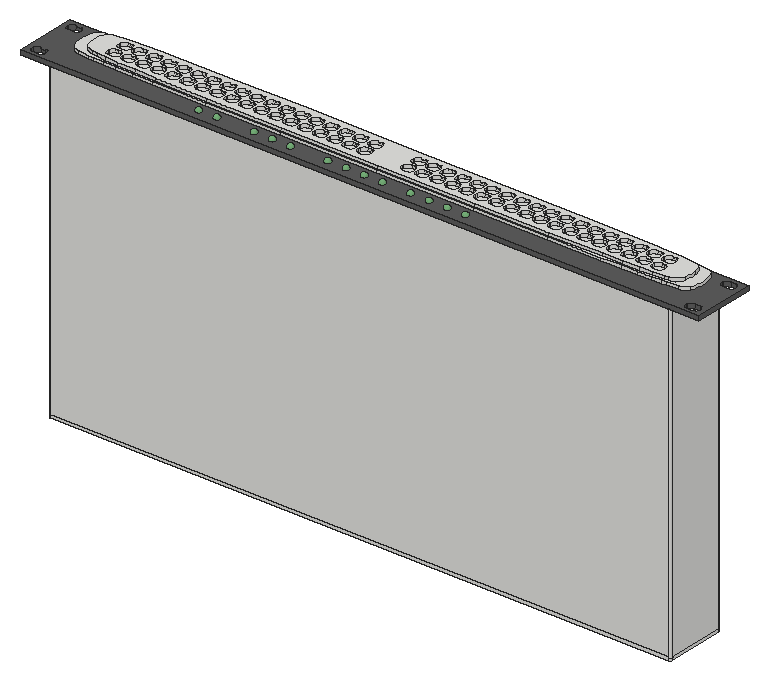
Revit family "Electronics_Expansion-Inputs_Biamp_Vocia_Voice-Over-IP-Interface_VOIP-1__", category Communication Devices, host Face, Revit 2020 (continued)
Definition of nested family "VOIP-1"
  Forms (in)
    Extrusion 14, solid, material <- "Material 1", detail levels medium+fine
      sketch origin (0.00019, 0.37402, 0) x (1, 0, 0) y (0, 0, 1)
        loop
          arc (0.77646, 0.99345) -> (0.73736, 1.08784) -> (0.64297, 1.12693) r 0.13348
          line (0.64297, 1.12693) -> (0.55186, 1.12693)
        loop
          arc (0.95712, 1.12693) -> (0.86273, 1.08784) -> (0.82363, 0.99345) r 0.13348
          line (0.82363, 0.99345) -> (0.82363, 0.95247)
          arc (0.82363, 0.95247) -> (0.86455, 0.8537) -> (0.96332, 0.81278) r 0.13968
          line (0.96332, 0.81278) -> (1.04202, 0.81278)
          arc (1.04202, 0.81278) -> (1.14079, 0.8537) -> (1.18171, 0.95247) r 0.13968
          line (1.18171, 0.95247) -> (1.18171, 0.99345)
          arc (1.18171, 0.99345) -> (1.14261, 1.08784) -> (1.04823, 1.12693) r 0.13348
          line (1.04823, 1.12693) -> (0.95712, 1.12693)
        loop
          arc (1.36975, 1.12693) -> (1.27537, 1.08784) -> (1.23627, 0.99345) r 0.13348
          line (1.23627, 0.99345) -> (1.23627, 0.95247)
          arc (1.23627, 0.95247) -> (1.27718, 0.8537) -> (1.37596, 0.81278) r 0.13968
          line (1.37596, 0.81278) -> (1.45466, 0.81278)
          arc (1.45466, 0.81278) -> (1.55343, 0.8537) -> (1.59434, 0.95247) r 0.13968
          line (1.59434, 0.95247) -> (1.59434, 0.99345)
          arc (1.59434, 0.99345) -> (1.55525, 1.08784) -> (1.46086, 1.12693) r 0.13348
          line (1.46086, 1.12693) -> (1.36975, 1.12693)
        loop
          arc (1.78593, 1.12693) -> (1.69154, 1.08784) -> (1.65245, 0.99345) r 0.13348
          line (1.65245, 0.99345) -> (1.65245, 0.95247)
          arc (1.65245, 0.95247) -> (1.69336, 0.8537) -> (1.79213, 0.81278) r 0.13968
          line (1.79213, 0.81278) -> (1.87083, 0.81278)
          arc (1.87083, 0.81278) -> (1.96961, 0.8537) -> (2.01052, 0.95247) r 0.13968
          line (2.01052, 0.95247) -> (2.01052, 0.99345)
          arc (2.01052, 0.99345) -> (1.97142, 1.08784) -> (1.87704, 1.12693) r 0.13348
          line (1.87704, 1.12693) -> (1.78593, 1.12693)
        loop
          arc (2.19819, 1.12693) -> (2.1038, 1.08784) -> (2.0647, 0.99345) r 0.13348
          line (2.0647, 0.99345) -> (2.0647, 0.95247)
          arc (2.0647, 0.95247) -> (2.10562, 0.8537) -> (2.20439, 0.81278) r 0.13968
          line (2.20439, 0.81278) -> (2.28309, 0.81278)
          arc (2.28309, 0.81278) -> (2.38187, 0.8537) -> (2.42278, 0.95247) r 0.13968
          line (2.42278, 0.95247) -> (2.42278, 0.99345)
          arc (2.42278, 0.99345) -> (2.38368, 1.08784) -> (2.2893, 1.12693) r 0.13348
          line (2.2893, 1.12693) -> (2.19819, 1.12693)
        loop
          arc (2.61102, 1.12693) -> (2.51664, 1.08784) -> (2.47754, 0.99345) r 0.13348
          line (2.47754, 0.99345) -> (2.47754, 0.95247)
          arc (2.47754, 0.95247) -> (2.51845, 0.8537) -> (2.61722, 0.81278) r 0.13968
          line (2.61722, 0.81278) -> (2.69593, 0.81278)
          arc (2.69593, 0.81278) -> (2.7947, 0.8537) -> (2.83561, 0.95247) r 0.13968
          line (2.83561, 0.95247) -> (2.83561, 0.99345)
          arc (2.83561, 0.99345) -> (2.79652, 1.08784) -> (2.70213, 1.12693) r 0.13348
          line (2.70213, 1.12693) -> (2.61102, 1.12693)
        loop
          arc (3.02386, 1.12693) -> (2.92948, 1.08784) -> (2.89038, 0.99345) r 0.13348
          line (2.89038, 0.99345) -> (2.89038, 0.95247)
          arc (2.89038, 0.95247) -> (2.93129, 0.8537) -> (3.03007, 0.81278) r 0.13968
          line (3.03007, 0.81278) -> (3.10877, 0.81278)
          arc (3.10877, 0.81278) -> (3.20754, 0.8537) -> (3.24846, 0.95247) r 0.13968
          line (3.24846, 0.95247) -> (3.24846, 0.99345)
          arc (3.24846, 0.99345) -> (3.20936, 1.08784) -> (3.11497, 1.12693) r 0.13348
          line (3.11497, 1.12693) -> (3.02386, 1.12693)
        loop
          arc (3.44017, 1.12693) -> (3.34579, 1.08784) -> (3.30669, 0.99345) r 0.13348
          line (3.30669, 0.99345) -> (3.30669, 0.95247)
          arc (3.30669, 0.95247) -> (3.3476, 0.8537) -> (3.44637, 0.81278) r 0.13968
          line (3.44637, 0.81278) -> (3.52508, 0.81278)
          arc (3.52508, 0.81278) -> (3.62385, 0.8537) -> (3.66476, 0.95247) r 0.13968
          line (3.66476, 0.95247) -> (3.66476, 0.99345)
          arc (3.66476, 0.99345) -> (3.62567, 1.08784) -> (3.53128, 1.12693) r 0.13348
          line (3.53128, 1.12693) -> (3.44017, 1.12693)
        loop
          arc (3.85301, 1.12693) -> (3.75862, 1.08784) -> (3.71952, 0.99345) r 0.13348
          line (3.71952, 0.99345) -> (3.71952, 0.95247)
          arc (3.71952, 0.95247) -> (3.76044, 0.8537) -> (3.85921, 0.81278) r 0.13968
          line (3.85921, 0.81278) -> (3.93791, 0.81278)
          arc (3.93791, 0.81278) -> (4.03669, 0.8537) -> (4.0776, 0.95247) r 0.13968
          line (4.0776, 0.95247) -> (4.0776, 0.99345)
          arc (4.0776, 0.99345) -> (4.0385, 1.08784) -> (3.94412, 1.12693) r 0.13348
          line (3.94412, 1.12693) -> (3.85301, 1.12693)
        loop
          arc (4.26238, 1.12693) -> (4.16799, 1.08784) -> (4.12889, 0.99345) r 0.13348
          line (4.12889, 0.99345) -> (4.12889, 0.95247)
          arc (4.12889, 0.95247) -> (4.16981, 0.8537) -> (4.26858, 0.81278) r 0.13968
          line (4.26858, 0.81278) -> (4.34728, 0.81278)
          arc (4.34728, 0.81278) -> (4.44606, 0.8537) -> (4.48697, 0.95247) r 0.13968
          line (4.48697, 0.95247) -> (4.48697, 0.99345)
          arc (4.48697, 0.99345) -> (4.44787, 1.08784) -> (4.35349, 1.12693) r 0.13348
          line (4.35349, 1.12693) -> (4.26238, 1.12693)
        loop
          arc (4.67522, 1.12693) -> (4.58083, 1.08784) -> (4.54174, 0.99345) r 0.13348
          line (4.54174, 0.99345) -> (4.54174, 0.95247)
          arc (4.54174, 0.95247) -> (4.58265, 0.8537) -> (4.68142, 0.81278) r 0.13968
          line (4.68142, 0.81278) -> (4.76013, 0.81278)
          arc (4.76013, 0.81278) -> (4.8589, 0.8537) -> (4.89981, 0.95247) r 0.13968
          line (4.89981, 0.95247) -> (4.89981, 0.99345)
          arc (4.89981, 0.99345) -> (4.86071, 1.08784) -> (4.76633, 1.12693) r 0.13348
          line (4.76633, 1.12693) -> (4.67522, 1.12693)
        loop
          arc (5.09153, 1.12693) -> (4.99714, 1.08784) -> (4.95804, 0.99345) r 0.13348
          line (4.95804, 0.99345) -> (4.95804, 0.95247)
          arc (4.95804, 0.95247) -> (4.99896, 0.8537) -> (5.09773, 0.81278) r 0.13968
          line (5.09773, 0.81278) -> (5.17643, 0.81278)
          arc (5.17643, 0.81278) -> (5.2752, 0.8537) -> (5.31612, 0.95247) r 0.13968
          line (5.31612, 0.95247) -> (5.31612, 0.99345)
          arc (5.31612, 0.99345) -> (5.27702, 1.08784) -> (5.18264, 1.12693) r 0.13348
          line (5.18264, 1.12693) -> (5.09153, 1.12693)
        loop
          arc (5.50436, 1.12693) -> (5.40998, 1.08784) -> (5.37088, 0.99345) r 0.13348
          line (5.37088, 0.99345) -> (5.37088, 0.95247)
          arc (5.37088, 0.95247) -> (5.41179, 0.8537) -> (5.51056, 0.81278) r 0.13968
          line (5.51056, 0.81278) -> (5.58927, 0.81278)
          arc (5.58927, 0.81278) -> (5.68804, 0.8537) -> (5.72895, 0.95247) r 0.13968
          line (5.72895, 0.95247) -> (5.72895, 0.99345)
          arc (5.72895, 0.99345) -> (5.68986, 1.08784) -> (5.59547, 1.12693) r 0.13348
          line (5.59547, 1.12693) -> (5.50436, 1.12693)
        loop
          arc (5.91393, 1.12693) -> (5.81954, 1.08784) -> (5.78044, 0.99345) r 0.13348
          line (5.78044, 0.99345) -> (5.78044, 0.95247)
          arc (5.78044, 0.95247) -> (5.82136, 0.8537) -> (5.92013, 0.81278) r 0.13968
          line (5.92013, 0.81278) -> (5.99883, 0.81278)
          arc (5.99883, 0.81278) -> (6.0976, 0.8537) -> (6.13852, 0.95247) r 0.13968
          line (6.13852, 0.95247) -> (6.13852, 0.99345)
          arc (6.13852, 0.99345) -> (6.09942, 1.08784) -> (6.00504, 1.12693) r 0.13348
          line (6.00504, 1.12693) -> (5.91393, 1.12693)
        loop
          arc (6.32657, 1.12693) -> (6.23219, 1.08784) -> (6.19309, 0.99345) r 0.13348
          line (6.19309, 0.99345) -> (6.19309, 0.95247)
          arc (6.19309, 0.95247) -> (6.234, 0.8537) -> (6.33278, 0.81278) r 0.13968
          line (6.33278, 0.81278) -> (6.41148, 0.81278)
          arc (6.41148, 0.81278) -> (6.51025, 0.8537) -> (6.55116, 0.95247) r 0.13968
          line (6.55116, 0.95247) -> (6.55116, 0.99345)
          arc (6.55116, 0.99345) -> (6.51207, 1.08784) -> (6.41768, 1.12693) r 0.13348
          line (6.41768, 1.12693) -> (6.32657, 1.12693)
        loop
          arc (6.74288, 1.12693) -> (6.64849, 1.08784) -> (6.6094, 0.99345) r 0.13348
          line (6.6094, 0.99345) -> (6.6094, 0.95247)
          arc (6.6094, 0.95247) -> (6.65031, 0.8537) -> (6.74908, 0.81278) r 0.13968
          line (6.74908, 0.81278) -> (6.82779, 0.81278)
          arc (6.82779, 0.81278) -> (6.92656, 0.8537) -> (6.96747, 0.95247) r 0.13968
          line (6.96747, 0.95247) -> (6.96747, 0.99345)
          arc (6.96747, 0.99345) -> (6.92838, 1.08784) -> (6.83399, 1.12693) r 0.13348
          line (6.83399, 1.12693) -> (6.74288, 1.12693)
        loop
          arc (7.15572, 1.12693) -> (7.06134, 1.08784) -> (7.02224, 0.99345) r 0.13348
          line (7.02224, 0.99345) -> (7.02224, 0.95247)
          arc (7.02224, 0.95247) -> (7.06315, 0.8537) -> (7.16193, 0.81278) r 0.13968
          line (7.16193, 0.81278) -> (7.24063, 0.81278)
          arc (7.24063, 0.81278) -> (7.3394, 0.8537) -> (7.38031, 0.95247) r 0.13968
          line (7.38031, 0.95247) -> (7.38031, 0.99345)
          arc (7.38031, 0.99345) -> (7.34122, 1.08784) -> (7.24683, 1.12693) r 0.13348
          line (7.24683, 1.12693) -> (7.15572, 1.12693)
        loop
          arc (7.57203, 1.12693) -> (7.47764, 1.08784) -> (7.43855, 0.99345) r 0.13348
          line (7.43855, 0.99345) -> (7.43855, 0.95247)
          arc (7.43855, 0.95247) -> (7.47946, 0.8537) -> (7.57823, 0.81278) r 0.13968
          line (7.57823, 0.81278) -> (7.65694, 0.81278)
          arc (7.65694, 0.81278) -> (7.75571, 0.8537) -> (7.79662, 0.95247) r 0.13968
          line (7.79662, 0.95247) -> (7.79662, 0.99345)
          arc (7.79662, 0.99345) -> (7.75753, 1.08784) -> (7.66314, 1.12693) r 0.13348
          line (7.66314, 1.12693) -> (7.57203, 1.12693)
      from 4.92126 to 5
  Cuts and joins
    Extrusion 3 cuts Extrusion 2
    Extrusion 6 cuts Extrusion 5
    Extrusion 12 cuts Extrusion 7
    Extrusion 12 cuts Extrusion 10
    Extrusion 12 cuts Extrusion 11
  Lines and regions (in)
    Masking region 1
      outline origin (0, 0, 0) x (1, 0, 0) y (0, 1, 0)
        loop
          line (-9.50787, -4.4685) -> (-2.46212, -4.4685) -> (9.50787, -4.4685) -> (9.50787, -4.35039) -> (8.72047, -4.35039) -> (8.72047, 4.4685) -> (-8.71061, 4.4685) -> (-8.71061, -4.35039) -> (-9.50787, -4.35039) -> (-9.50787, -4.4685)
    Masking region 2, detail levels medium+fine
      outline origin (0, 0, 0) x (1, 0, 0) y (0, 1, 0)
        loop
          line (-8.69512, -4.4685) -> (-8.69512, -4.54724) -> (-8.37136, -4.54724) -> (-8.37136, -4.62598) -> (8.37538, -4.62598) -> (8.37538, -4.54724) -> (8.6955, -4.54724) -> (8.6955, -4.4685) -> (-8.69512, -4.4685)
    symbolic lines, detail levels medium
      curve 1: line (-8.71061, -4.35039, 0) -> (8.72047, -4.35039, 0)
      curve 2: line (-8.71061, -4.35039, 0) -> (-9.50787, -4.35039, 0)
      curve 3: line (9.50787, -4.35039, 0) -> (8.72047, -4.35039, 0)
    symbolic lines, detail levels fine
      curve 4: line (-8.36407, -4.4685, 0) -> (-8.36407, -4.50787, 0)
    symbolic lines
      curve 5: line (-9.50787, -4.4685, 0) -> (9.50787, -4.4685, 0)
      curve 6: line (-8.71061, -4.35039, 0) -> (8.72047, -4.35039, 0)
    symbolic lines, detail levels medium+fine
      curve 7: line (-8.37499, -4.54724, 0) -> (8.37173, -4.54724, 0)
  Dimensions and locks (in)
    equal spacing: plane 4, plane 3 "Center (Left/Right)", plane 5
    "Width": plane 4 to plane 5
    equal spacing: plane 6, plane 1 "Center (Front/Back)", plane 7 "1"
    "Depth": plane 7 "1" to plane 11
    "Height": plane 8 to plane 9
    plane 9 to level = 0.00"
    plane 10 to plane 6 = 0.11811"
    locked: plane 4 to plane 12 at 0.79726
    locked: plane 13 to plane 5 at 0.7874
    locked: plane 6 to plane 11 at 0.03937
    plane 14 to plane 6 = 0.03937"
    locked: plane 7 "1" to plane 15 at 0.07874
    locked: plane 16 to plane 9 at 0.32949
    radius of Extrusion 11 sketch curve = 0.05859"
    radius of Extrusion 10 sketch curve = 0.05859"
    aligned and locked: plane 2 to Extrusion 1
    aligned and locked: level to Extrusion 1
    aligned and locked: plane 6 to Extrusion 2 sketch curve
    aligned and locked: plane 10 to Extrusion 2 sketch curve
    aligned and locked: plane 4 to Extrusion 2 sketch curve
    aligned and locked: Extrusion 2 sketch curve to plane 5
    aligned and locked: Extrusion 2 to plane 9
    aligned and locked: Extrusion 2 to plane 8
    aligned and locked: Extrusion 3 to plane 6
    aligned and locked: plane 8 to Extrusion 5 sketch curve
    aligned and locked: plane 12 to Extrusion 5 sketch curve
    aligned and locked: plane 9 to Extrusion 5 sketch curve
    aligned and locked: plane 13 to Extrusion 5 sketch curve
    aligned and locked: Extrusion 5 to plane 7 "1"
    aligned and locked: plane 5 to Extrusion 7 sketch curve
    aligned and locked: Extrusion 7 sketch curve to plane 10
    aligned and locked: Extrusion 7 sketch curve to plane 4
    aligned and locked: plane 13 to Extrusion 8 sketch curve
    aligned and locked: plane 9 to Extrusion 8 sketch curve
    aligned and locked: plane 8 to Extrusion 8 sketch curve
    aligned and locked: plane 12 to Extrusion 8 sketch curve
    aligned and locked: Extrusion 8 to plane 7 "1"
    aligned and locked: plane 10 to Extrusion 8
    aligned and locked: plane 7 "1" to Extrusion 9 sketch curve
    aligned and locked: Extrusion 9 to plane 8
    aligned and locked: plane 10 to curve 1
    aligned and locked: plane 10 to Extrusion 10
    aligned and locked: Extrusion 11 to plane 7 "1"
    aligned and locked: plane 15 to Extrusion 11
    aligned and locked: Extrusion 9 to plane 9
    aligned and locked: plane 9 to Extrusion 11 sketch curve
    aligned and locked: Extrusion 10 to plane 9
    aligned and locked: plane 16 to Revolve 4
    aligned and locked: plane 15 to Extrusion 12
    aligned and locked: cut or joined group of Extrusion 10, Extrusion 12 to plane 15
  Automatic sketch dimensions
    Extrusion 1 sketch curve to Extrusion 1 sketch curve = 96.00"  (x2)
    Extrusion 5 sketch curve to Extrusion 5 sketch curve = 0.05906"  (x2)
    plane 12 to Extrusion 5 sketch curve = 0.05906"
    plane 13 to Extrusion 5 sketch curve = 0.05906"
    plane 4 to Extrusion 3 sketch curve = 0.13318"  (x2)
    Extrusion 3 sketch curve to Extrusion 3 sketch curve = 0.13197"  (x2)
    plane 9 to Extrusion 3 sketch curve = 0.10329"  (x2)
    Extrusion 3 sketch curve to Extrusion 3 sketch curve = 0.00"  (x8)
    Extrusion 3 sketch curve to Extrusion 3 sketch curve = 0.138"  (x2)
    Extrusion 3 sketch curve to Extrusion 3 sketch curve = 0.13196"  (x6)
    Extrusion 3 sketch curve to plane 13 = 0.24886"  (x2)
    plane 8 to Extrusion 3 sketch curve = 0.111"
    Extrusion 3 sketch curve to Extrusion 3 sketch curve = 0.13799"  (x2)
    Extrusion 3 sketch curve to Extrusion 3 sketch curve = 0.11072"  (x8)
    Extrusion 3 sketch curve to Extrusion 3 sketch curve = 0.00002"
    Extrusion 3 sketch curve to Extrusion 3 sketch curve = 0.00001"  (x6)
    Extrusion 3 sketch curve to Extrusion 3 sketch curve = 0.04654"  (x3)
    plane 8 to Extrusion 3 sketch curve = 0.37899"
    Extrusion 3 sketch curve to Extrusion 3 sketch curve = 0.268"
    Extrusion 3 sketch curve to Extrusion 3 sketch curve = 0.00004"
    Revolve 4 sketch curve to plane 6 = 0.00"  (x14)
    plane 3 "Center (Left/Right)" to Revolve 4 sketch curve = 2.78252"
    Revolve 4 sketch curve to Revolve 4 sketch curve = 0.07874"  (x13)
    Revolve 4 sketch curve to Revolve 4 sketch curve = 0.35484"
    Revolve 4 sketch curve to Revolve 4 sketch curve = 0.35446"
    Revolve 4 sketch curve to Revolve 4 sketch curve = 0.35447"
    plane 3 "Center (Left/Right)" to Revolve 4 sketch curve = 0.4593"
    Revolve 4 sketch curve to plane 3 "Center (Left/Right)" = 0.05267"
    Revolve 4 sketch curve to Revolve 4 sketch curve = 0.35441"  (x2)
    Revolve 4 sketch curve to Revolve 4 sketch curve = 0.88564"
    Revolve 4 sketch curve to Revolve 4 sketch curve = 0.35437"
    Revolve 4 sketch curve to Revolve 4 sketch curve = 0.35423"
    Revolve 4 sketch curve to Revolve 4 sketch curve = 0.88575"
    Revolve 4 sketch curve to Revolve 4 sketch curve = 0.35492"
    Revolve 4 sketch curve to Revolve 4 sketch curve = 0.00218"
    Revolve 4 sketch curve to Revolve 4 sketch curve = 0.01835"
    plane 8 to Extrusion 6 sketch curve = 0.78904"  (x2)
    plane 12 to Extrusion 6 sketch curve = 3.81189"
    Extrusion 6 sketch curve to Extrusion 6 sketch curve = 0.58"  (x5)
    Extrusion 6 sketch curve to Extrusion 6 sketch curve = 0.11998"  (x3)
    Extrusion 6 sketch curve to Extrusion 6 sketch curve = 0.58002"  (x2)
    plane 8 to Extrusion 6 sketch curve = 0.20904"  (x6)
    Extrusion 6 sketch curve to Extrusion 6 sketch curve = 0.41998"
    Extrusion 6 sketch curve to Extrusion 6 sketch curve = 0.57999"
    Extrusion 6 sketch curve to Extrusion 6 sketch curve = 0.957"
    Extrusion 6 sketch curve to plane 3 "Center (Left/Right)" = 0.38172"
    plane 3 "Center (Left/Right)" to Extrusion 6 sketch curve = 0.31827"
    Extrusion 6 sketch curve to Extrusion 6 sketch curve = 0.42"
    Extrusion 6 sketch curve to Extrusion 6 sketch curve = 0.12"
    Extrusion 6 sketch curve to Extrusion 6 sketch curve = 0.15955"
    Extrusion 6 sketch curve to Extrusion 6 sketch curve = 0.05002"
    Extrusion 6 sketch curve to Extrusion 6 sketch curve = 1.37955"
    Extrusion 6 sketch curve to Extrusion 6 sketch curve = 0.57087"  (x2)
    Extrusion 6 sketch curve to Extrusion 6 sketch curve = 0.05905"
    Extrusion 6 sketch curve to Extrusion 6 sketch curve = 0.52464"
    Extrusion 6 sketch curve to Extrusion 6 sketch curve = 0.85"
    plane 9 to Extrusion 6 sketch curve = 0.30325"
    plane 9 to Extrusion 6 sketch curve = 0.43473"
    Extrusion 6 sketch curve to Extrusion 6 sketch curve = 0.00"  (x8)
    plane 9 to Extrusion 6 sketch curve = 0.51028"
    Extrusion 6 sketch curve to Extrusion 6 sketch curve = 0.45001"
    Extrusion 6 sketch curve to Extrusion 6 sketch curve = 0.39369"
    Extrusion 6 sketch curve to Extrusion 6 sketch curve = 0.43297"
    plane 12 to Extrusion 8 sketch curve = 0.05859"
    plane 8 to Extrusion 8 sketch curve = 0.05859"  (x2)
    Extrusion 8 sketch curve to Extrusion 8 sketch curve = 0.05859"
    Extrusion 10 sketch curve to plane 8 = 0.00"
    plane 13 to Extrusion 10 sketch curve = 0.00"
    plane 12 to Extrusion 10 sketch curve = 0.05906"
    plane 8 to Extrusion 10 sketch curve = 0.05906"
    Extrusion 10 sketch curve to plane 12 = 0.00"
    Extrusion 10 sketch curve to Extrusion 10 sketch curve = 0.05906"
    level to Extrusion 10 sketch curve = 0.00"
    Extrusion 11 sketch curve to plane 8 = 0.00"
    plane 13 to Extrusion 11 sketch curve = 0.00"
    plane 8 to Extrusion 11 sketch curve = 0.05906"  (x2)
    plane 12 to Extrusion 11 sketch curve = 0.05906"
    Extrusion 11 sketch curve to plane 12 = 0.00"
    plane 13 to Extrusion 6 sketch curve = 0.61166"
    Extrusion 6 sketch curve to plane 16 = 0.55295"
    plane 8 to Extrusion 12 sketch curve = 0.24111"  (x2)
    Extrusion 12 sketch curve to plane 3 "Center (Left/Right)" = 2.88761"
    Extrusion 12 sketch curve to Extrusion 12 sketch curve = 0.70001"
    plane 8 to Extrusion 12 sketch curve = 0.24106"
    plane 3 "Center (Left/Right)" to Extrusion 12 sketch curve = 1.0494"
    Extrusion 12 sketch curve to plane 16 = 0.17883"  (x2)
    Extrusion 12 sketch curve to Extrusion 12 sketch curve = 0.53988"
    Extrusion 12 sketch curve to Extrusion 12 sketch curve = 0.00"  (x5)
    Extrusion 12 sketch curve to Extrusion 12 sketch curve = 0.00025"  (x4)
    Extrusion 12 sketch curve to Extrusion 12 sketch curve = 0.15988"
    Extrusion 12 sketch curve to Extrusion 12 sketch curve = 0.46975"
    Extrusion 12 sketch curve to plane 16 = 0.55169"
    Extrusion 12 sketch curve to Extrusion 12 sketch curve = 1.31988"
    plane 16 to Extrusion 12 sketch curve = 0.02831"  (x3)
    Extrusion 12 sketch curve to Extrusion 12 sketch curve = 0.7225"
    Extrusion 12 sketch curve to Extrusion 12 sketch curve = 0.5975"
    Extrusion 12 sketch curve to Extrusion 12 sketch curve = 0.465"
    Extrusion 12 sketch curve to Extrusion 12 sketch curve = 0.85"
    plane 13 to Extrusion 12 sketch curve = 0.62117"
    Extrusion 12 sketch curve to Extrusion 12 sketch curve = 0.00001"  (x4)
    Extrusion 12 sketch curve to Extrusion 12 sketch curve = 0.00017"
    Extrusion 12 sketch curve to Extrusion 12 sketch curve = 0.00019"
    Extrusion 12 sketch curve to Extrusion 12 sketch curve = 0.00027"  (x2)
    Extrusion 12 sketch curve to plane 16 = 0.42169"
    Extrusion 12 sketch curve to plane 16 = 0.55064"
    Extrusion 12 sketch curve to Extrusion 12 sketch curve = 0.0002"
    Extrusion 12 sketch curve to Extrusion 12 sketch curve = 0.12999"
    Extrusion 12 sketch curve to Extrusion 12 sketch curve = 0.43287"
    Extrusion 12 sketch curve to Extrusion 12 sketch curve = 0.54999"
    Extrusion 12 sketch curve to Extrusion 12 sketch curve = 0.21836"
    Extrusion 12 sketch curve to Extrusion 12 sketch curve = 0.00013"  (x4)
    plane 16 to Extrusion 12 sketch curve = 0.03981"  (x2)
    Extrusion 12 sketch curve to Extrusion 12 sketch curve = 0.03305"
    Extrusion 12 sketch curve to Extrusion 12 sketch curve = 0.05162"
    Extrusion 12 sketch curve to Extrusion 12 sketch curve = 0.16526"
    Extrusion 12 sketch curve to Extrusion 12 sketch curve = 0.00008"
    Extrusion 12 sketch curve to Extrusion 12 sketch curve = 0.0001"
    Extrusion 12 sketch curve to Extrusion 12 sketch curve = 0.16525"
    Masking region 1 sketch curve to plane 4 = 0.00"
    plane 7 "1" to Masking region 1 sketch curve = 0.00"
    Masking region 1 sketch curve to plane 12 = 0.00"
    Masking region 1 sketch curve to plane 6 = 0.00"
    Masking region 1 sketch curve to plane 13 = 0.00"
    Masking region 1 sketch curve to plane 5 = 0.00"
    plane 10 to Masking region 1 sketch curve = 0.00"  (x2)
    plane 8 to Extrusion 13 sketch curve = 0.0737"  (x2)
    plane 12 to Extrusion 13 sketch curve = 0.3111"  (x2)
    Extrusion 13 sketch curve to Extrusion 13 sketch curve = 0.0212"  (x3)
    plane 8 to Extrusion 13 sketch curve = 0.05246"  (x2)
    Extrusion 13 sketch curve to Extrusion 13 sketch curve = 0.30113"
    Extrusion 13 sketch curve to Extrusion 13 sketch curve = 0.30252"
    plane 8 to Extrusion 13 sketch curve = 0.045"  (x2)
    Extrusion 13 sketch curve to Extrusion 13 sketch curve = 0.13655"  (x2)
    Extrusion 13 sketch curve to plane 16 = 0.30961"  (x2)
    Extrusion 13 sketch curve to Extrusion 13 sketch curve = 0.13516"
    Extrusion 13 sketch curve to plane 16 = 0.29952"  (x2)
    Extrusion 13 sketch curve to Extrusion 13 sketch curve = 0.28256"  (x3)
    plane 8 to Extrusion 13 sketch curve = 0.03491"  (x2)
    Extrusion 13 sketch curve to plane 16 = 0.29088"  (x2)
    Extrusion 13 sketch curve to Extrusion 13 sketch curve = 0.36514"  (x4)
    plane 8 to Extrusion 13 sketch curve = 0.02625"  (x2)
    Extrusion 13 sketch curve to plane 16 = 0.28366"  (x2)
    plane 8 to Extrusion 13 sketch curve = 0.01904"  (x2)
    Extrusion 13 sketch curve to plane 16 = 0.27791"  (x2)
    plane 8 to Extrusion 13 sketch curve = 0.01327"  (x2)
    plane 8 to Extrusion 13 sketch curve = 0.00463"  (x2)
    Extrusion 13 sketch curve to plane 16 = 0.26926"  (x2)
    Extrusion 13 sketch curve to plane 16 = 0.26348"  (x2)
    Extrusion 13 sketch curve to plane 8 = 0.00113"
    plane 3 "Center (Left/Right)" to Extrusion 13 sketch curve = 0.00019"
    plane 3 "Center (Left/Right)" to Extrusion 13 sketch curve = 0.00026"
    Extrusion 13 sketch curve to Extrusion 13 sketch curve = 0.46076"
    Extrusion 13 sketch curve to Extrusion 13 sketch curve = 0.46078"  (x3)
    Extrusion 13 sketch curve to Extrusion 13 sketch curve = 0.28258"
    Extrusion 13 sketch curve to Extrusion 13 sketch curve = 0.14085"
    plane 13 to Extrusion 13 sketch curve = 0.34178"  (x2)
    Extrusion 13 sketch curve to Extrusion 13 sketch curve = 0.29811"
    Extrusion 13 sketch curve to plane 16 = 0.26204"
    Extrusion 13 sketch curve to Extrusion 13 sketch curve = 0.00737"
    Extrusion 13 sketch curve to Extrusion 13 sketch curve = 0.00769"
    Extrusion 13 sketch curve to Extrusion 13 sketch curve = 0.02103"
    Extrusion 13 sketch curve to Extrusion 13 sketch curve = 0.02134"
    Extrusion 13 sketch curve to Extrusion 13 sketch curve = 0.30051"  (x4)
    Extrusion 13 sketch curve to Extrusion 13 sketch curve = 0.03916"  (x2)
    plane 12 to Extrusion 13 sketch curve = 0.07444"
    plane 12 to Extrusion 13 sketch curve = 0.07003"
    plane 13 to Extrusion 13 sketch curve = 0.08392"
    plane 13 to Extrusion 13 sketch curve = 0.07951"
    Extrusion 13 sketch curve to Extrusion 13 sketch curve = 0.19267"  (x2)
    plane 8 to Extrusion 14 sketch curve = 0.13708"  (x2)
    plane 12 to Extrusion 14 sketch curve = 0.59861"
    plane 12 to Extrusion 14 sketch curve = 0.63098"
    Extrusion 14 sketch curve to Extrusion 14 sketch curve = 0.04233"
    Extrusion 14 sketch curve to Extrusion 14 sketch curve = 0.01125"  (x2)
    Extrusion 14 sketch curve to Extrusion 14 sketch curve = 0.12093"  (x2)
    plane 8 to Extrusion 14 sketch curve = 0.11083"  (x2)
    Extrusion 14 sketch curve to Extrusion 14 sketch curve = 0.18526"  (x2)
    Extrusion 14 sketch curve to Extrusion 14 sketch curve = 0.23683"
    Extrusion 14 sketch curve to Extrusion 14 sketch curve = 0.24808"
    Extrusion 14 sketch curve to Extrusion 14 sketch curve = 0.13348"  (x143)
    Extrusion 14 sketch curve to Extrusion 14 sketch curve = 0.0062"  (x121)
    plane 8 to Extrusion 14 sketch curve = 0.09732"
    Extrusion 14 sketch curve to Extrusion 14 sketch curve = 0.00885"
    Extrusion 14 sketch curve to plane 16 = 0.37023"
    Extrusion 14 sketch curve to Extrusion 14 sketch curve = 0.00322"
    Extrusion 14 sketch curve to Extrusion 14 sketch curve = 0.0787"  (x72)
    Extrusion 14 sketch curve to Extrusion 14 sketch curve = 0.09111"  (x22)
    Extrusion 14 sketch curve to Extrusion 14 sketch curve = 0.04718"  (x4)
    plane 8 to Extrusion 14 sketch curve = 0.08187"
    Extrusion 14 sketch curve to Extrusion 14 sketch curve = 0.10222"
    Extrusion 14 sketch curve to plane 16 = 0.35749"
    Extrusion 14 sketch curve to Extrusion 14 sketch curve = 0.10253"
    Extrusion 14 sketch curve to Extrusion 14 sketch curve = 0.05456"  (x4)
    Extrusion 14 sketch curve to plane 16 = 0.3479"
    Extrusion 14 sketch curve to Extrusion 14 sketch curve = 0.01085"
    plane 8 to Extrusion 14 sketch curve = 0.06654"
    Extrusion 14 sketch curve to Extrusion 14 sketch curve = 0.02669"
    Extrusion 14 sketch curve to Extrusion 14 sketch curve = 0.0581"  (x4)
    plane 8 to Extrusion 14 sketch curve = 0.05995"
    Extrusion 14 sketch curve to Extrusion 14 sketch curve = 0.07757"
    Extrusion 14 sketch curve to plane 16 = 0.33799"
    Extrusion 14 sketch curve to Extrusion 14 sketch curve = 0.08385"
    Extrusion 14 sketch curve to Extrusion 14 sketch curve = 0.05419"  (x4)
    Extrusion 14 sketch curve to Extrusion 14 sketch curve = 0.05476"  (x12)
    Extrusion 14 sketch curve to Extrusion 14 sketch curve = 0.05477"  (x12)
    Extrusion 14 sketch curve to Extrusion 14 sketch curve = 0.05823"  (x16)
    plane 8 to Extrusion 14 sketch curve = 0.04231"  (x2)
    Extrusion 14 sketch curve to Extrusion 14 sketch curve = 0.01413"
    Extrusion 14 sketch curve to plane 16 = 0.31578"  (x2)
    Extrusion 14 sketch curve to Extrusion 14 sketch curve = 0.00793"
    Extrusion 14 sketch curve to Extrusion 14 sketch curve = 0.0513"  (x4)
    plane 8 to Extrusion 14 sketch curve = 0.03655"
    Extrusion 14 sketch curve to Extrusion 14 sketch curve = 0.01327"
    Extrusion 14 sketch curve to plane 16 = 0.31"  (x2)
    Extrusion 14 sketch curve to Extrusion 14 sketch curve = 0.00707"
    Extrusion 14 sketch curve to Extrusion 14 sketch curve = 0.05149"  (x4)
    Extrusion 14 sketch curve to Extrusion 14 sketch curve = 0.05457"  (x4)
    plane 3 "Center (Left/Right)" to Extrusion 14 sketch curve = 0.00019"
    plane 3 "Center (Left/Right)" to Extrusion 14 sketch curve = 0.00026"
    plane 3 "Center (Left/Right)" to Extrusion 14 sketch curve = 0.41857"
    Extrusion 14 sketch curve to Extrusion 14 sketch curve = 0.00"
    Extrusion 14 sketch curve to Extrusion 14 sketch curve = 0.02531"
    Extrusion 14 sketch curve to Extrusion 14 sketch curve = 0.02041"
    Extrusion 14 sketch curve to Extrusion 14 sketch curve = 0.02444"
    Extrusion 14 sketch curve to Extrusion 14 sketch curve = 0.01954"
    Extrusion 14 sketch curve to plane 16 = 0.3364"
    Extrusion 14 sketch curve to Extrusion 14 sketch curve = 0.07919"
    plane 8 to Extrusion 14 sketch curve = 0.05095"
    Extrusion 14 sketch curve to Extrusion 14 sketch curve = 0.09248"
    Extrusion 14 sketch curve to Extrusion 14 sketch curve = 0.04101"
    Extrusion 14 sketch curve to Extrusion 14 sketch curve = 0.0605"
    Extrusion 14 sketch curve to plane 16 = 0.34341"
    Extrusion 14 sketch curve to Extrusion 14 sketch curve = 0.01124"
    plane 8 to Extrusion 14 sketch curve = 0.0651"
    Extrusion 14 sketch curve to Extrusion 14 sketch curve = 0.01912"
    Extrusion 14 sketch curve to plane 16 = 0.35517"
    Extrusion 14 sketch curve to Extrusion 14 sketch curve = 0.07229"
    plane 8 to Extrusion 14 sketch curve = 0.08096"
    Extrusion 14 sketch curve to Extrusion 14 sketch curve = 0.07343"
    Extrusion 14 sketch curve to plane 16 = 0.36993"
    Extrusion 14 sketch curve to Extrusion 14 sketch curve = 0.01411"
    plane 8 to Extrusion 14 sketch curve = 0.09349"
    Extrusion 14 sketch curve to Extrusion 14 sketch curve = 0.01583"
    Extrusion 14 sketch curve to Extrusion 14 sketch curve = 0.24797"
    Extrusion 14 sketch curve to Extrusion 14 sketch curve = 0.16227"
    Extrusion 14 sketch curve to Extrusion 14 sketch curve = 0.262"
    Extrusion 14 sketch curve to plane 16 = 0.30856"
    Extrusion 14 sketch curve to Extrusion 14 sketch curve = 0.02706"
    Extrusion 14 sketch curve to Extrusion 14 sketch curve = 0.02736"
    Extrusion 14 sketch curve to Extrusion 14 sketch curve = 0.01485"  (x2)
    Extrusion 14 sketch curve to plane 16 = 0.4833"  (x3)
    Extrusion 14 sketch curve to Extrusion 14 sketch curve = 0.14531"  (x2)
    Extrusion 14 sketch curve to Extrusion 14 sketch curve = 0.12813"
    Extrusion 14 sketch curve to Extrusion 14 sketch curve = 0.13968"  (x19)
    Extrusion 14 sketch curve to Extrusion 14 sketch curve = 0.11337"
    Extrusion 14 sketch curve to Extrusion 14 sketch curve = 0.1733"  (x3)
    Extrusion 14 sketch curve to Extrusion 14 sketch curve = 0.13989"
    Extrusion 14 sketch curve to Extrusion 14 sketch curve = 0.16752"  (x2)
    Extrusion 14 sketch curve to Extrusion 14 sketch curve = 0.1469"
    Extrusion 14 sketch curve to Extrusion 14 sketch curve = 0.11306"
    Extrusion 14 sketch curve to Extrusion 14 sketch curve = 0.1354"
    Extrusion 14 sketch curve to Extrusion 14 sketch curve = 0.12581"
    Extrusion 14 sketch curve to Extrusion 14 sketch curve = 0.04098"  (x72)
    Extrusion 14 sketch curve to Extrusion 14 sketch curve = 0.04869"  (x2)
    Extrusion 14 sketch curve to Extrusion 14 sketch curve = 0.06154"  (x36)
    Extrusion 14 sketch curve to Extrusion 14 sketch curve = 0.25437"
    Extrusion 14 sketch curve to Extrusion 14 sketch curve = 0.03165"
    Extrusion 14 sketch curve to Extrusion 14 sketch curve = 0.29534"  (x2)
    Extrusion 14 sketch curve to Extrusion 14 sketch curve = 0.30167"
    Extrusion 14 sketch curve to Extrusion 14 sketch curve = 0.02779"  (x2)
    Extrusion 14 sketch curve to Extrusion 14 sketch curve = 0.27388"
    Extrusion 14 sketch curve to Extrusion 14 sketch curve = 0.09413"  (x2)
    Extrusion 13 sketch curve to Extrusion 13 sketch curve = 0.56798"  (x3)
    Extrusion 13 sketch curve to Extrusion 13 sketch curve = 1.4997"
    Extrusion 13 sketch curve to Extrusion 13 sketch curve = 0.00"  (x2)
    Extrusion 13 sketch curve to Extrusion 13 sketch curve = 2.06333"  (x2)
    Extrusion 13 sketch curve to Extrusion 13 sketch curve = 2.72117"
    Extrusion 13 sketch curve to Extrusion 13 sketch curve = 0.0013"  (x2)
    Extrusion 13 sketch curve to Extrusion 13 sketch curve = 1.49968"
    Extrusion 13 sketch curve to Extrusion 13 sketch curve = 0.00132"
    Extrusion 13 sketch curve to Extrusion 13 sketch curve = 0.56801"
    plane 10 to Extrusion 9 sketch curve = 0.00"  (x2)
    Extrusion 9 sketch curve to plane 12 = 0.00"
    Extrusion 9 sketch curve to plane 13 = 0.00"
    plane 11 to Extrusion 7 sketch curve = 0.03937"
    Masking region 2 sketch curve to plane 6 = 0.00"
    plane 12 to Masking region 2 sketch curve = 0.01549"
    Masking region 2 sketch curve to plane 11 = 0.11811"
    Masking region 2 sketch curve to Masking region 2 sketch curve = 0.32376"
    plane 13 to Masking region 2 sketch curve = 0.3451"
    plane 13 to Masking region 2 sketch curve = 0.02497"
    Masking region 2 sketch curve to plane 11 = 0.03937"  (x2)
    curve 5 to plane 4 = 0.00"
    curve 2 to plane 4 = 0.00"
    curve 2 to plane 12 = 0.00"
    curve 4 to plane 6 = 0.00"
    curve 4 to plane 11 = 0.00"
    curve 1 to plane 13 = 0.00"
    curve 3 to plane 5 = 0.00"
    curve 5 to plane 5 = 0.00"
    curve 7 to plane 11 = 0.03937"
    plane 12 to curve 7 = 0.33562"
    curve 7 to curve 4 = 0.01093"
    plane 13 to curve 7 = 0.34874"
    Masking region 1 sketch curve to plane 3 "Center (Left/Right)" = 2.46212"
    radius of Extrusion 6 sketch curve = 0.16554"
    radius of Extrusion 6 sketch curve = 0.21805"  (x2)
